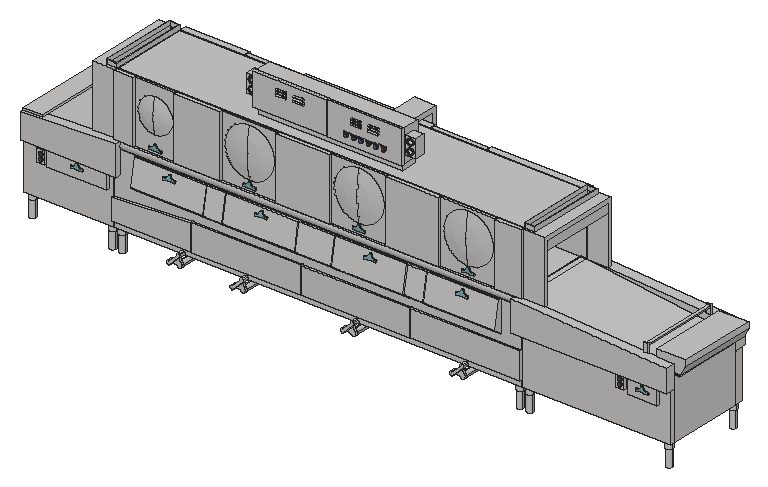
Revit family (continued)
Automatic sketch dimensions
  plane 13 "Middle of Machine" to Extrusion 33 sketch curve = 0' - 0.94635"  (x2)
  plane 13 "Middle of Machine" to Extrusion 33 sketch curve = 0' - 1.02958"
  Extrusion 33 sketch curve to Extrusion 33 sketch curve = 0' - 0.48493"  (x2)
  Extrusion 33 sketch curve to Extrusion 33 sketch curve = 0' - 1.96861"
  Extrusion 34 sketch curve to Extrusion 34 sketch curve = 0' - 0.41934"
  Extrusion 34 sketch curve to plane 35 = 0' - 0.38874"
  plane 38 to Extrusion 34 sketch curve = 0' - 0.69306"
  plane 38 to Extrusion 34 sketch curve = 0' - 0.9931"
  Extrusion 34 sketch curve to Extrusion 34 sketch curve = 0' - 0.00341"  (x2)
  Extrusion 34 sketch curve to Extrusion 34 sketch curve = 0' - 0.25142"  (x2)
  Extrusion 34 sketch curve to plane 35 = 0' - 1"
  Extrusion 34 sketch curve to Extrusion 34 sketch curve = 0' - 0.42496"
  Extrusion 34 sketch curve to Extrusion 34 sketch curve = 0' - 0"
  Extrusion 34 sketch curve to Extrusion 34 sketch curve = 0' - 1.22253"
  Extrusion 34 sketch curve to Extrusion 34 sketch curve = 0' - 1.51845"
  Extrusion 34 sketch curve to Extrusion 34 sketch curve = 0' - 1.63184"
  plane 13 "Middle of Machine" to Extrusion 34 sketch curve = 0' - 3.47041"  (x2)
  Extrusion 34 sketch curve to Extrusion 34 sketch curve = 0' - 0.34808"
  Extrusion 34 sketch curve to Extrusion 34 sketch curve = 0' - 0.48493"  (x2)
  plane 13 "Middle of Machine" to Extrusion 34 sketch curve = 0' - 1.02958"
  plane 55 to Extrusion 34 sketch curve = 0' - 1.17016"
  Extrusion 42 sketch curve to plane 13 "Middle of Machine" = 0' - 0"
  plane 16 to Extrusion 42 sketch curve = 0' - 0 5/8"
  Extrusion 43 sketch curve to plane 13 "Middle of Machine" = 0' - 0"
  plane 16 to Extrusion 43 sketch curve = 0' - 0 5/8"
  Extrusion 44 sketch curve to plane 11 "Table Height" = 0' - 0 1/8"
  Extrusion 45 sketch curve to plane 11 "Table Height" = 0' - 1 1/2"
  Extrusion 45 sketch curve to plane 11 "Table Height" = 0' - 0 1/8"
  Extrusion 46 sketch curve to plane 56 = 0' - 0"
  Extrusion 46 sketch curve to plane 11 "Table Height" = 0' - 2"
  Extrusion 47 sketch curve to plane 3 "LEFT" = 0' - 0"
  Extrusion 47 sketch curve to plane 55 = 0' - 0"
  Extrusion 47 sketch curve to plane 11 "Table Height" = 0' - 0"
  plane 16 to Extrusion 48 sketch curve = 0' - 0 5/8"
  plane 16 to Extrusion 48 sketch curve = 0' - 1.01335"
  Extrusion 48 sketch curve to Extrusion 48 sketch curve = 0' - 0.75088"
  Extrusion 48 sketch curve to plane 13 "Middle of Machine" = 0' - 0.73577"
  Extrusion 51 sketch curve to plane 57 = 0' - 0"
  Extrusion 51 sketch curve to plane 58 = 0' - 0"
  Extrusion 51 sketch curve to plane 59 = 0' - 0"
  Extrusion 51 sketch curve to plane 56 = 0' - 0"
  Extrusion 52 sketch curve to Extrusion 52 sketch curve = 0' - 0.25142"  (x2)
  Extrusion 52 sketch curve to Extrusion 52 sketch curve = 0' - 0.25483"  (x2)
  Extrusion 52 sketch curve to plane 56 = 0' - 0.46498"  (x2)
  Extrusion 52 sketch curve to Extrusion 52 sketch curve = 0' - 0.30345"
  plane 18 to Extrusion 52 sketch curve = 0' - 0.59419"  (x2)
  Extrusion 52 sketch curve to Extrusion 52 sketch curve = 0' - 1.63184"
  Extrusion 52 sketch curve to Extrusion 52 sketch curve = 0' - 1.52338"
  Extrusion 52 sketch curve to Extrusion 52 sketch curve = 0' - 0.41934"
  plane 20 to Extrusion 52 sketch curve = 0' - 1.60977"
  Extrusion 52 sketch curve to plane 101 "Cold Water" = 0' - 4.12535"
  Extrusion 52 sketch curve to Extrusion 52 sketch curve = 0' - 0.42496"
  Extrusion 52 sketch curve to Extrusion 52 sketch curve = 0' - 0"
  Extrusion 52 sketch curve to Extrusion 52 sketch curve = 0' - 1.51845"
  plane 18 to Extrusion 52 sketch curve = 0' - 0.51096"  (x2)
  Extrusion 52 sketch curve to Extrusion 52 sketch curve = 0' - 0.48493"
  Extrusion 53 sketch curve to plane 19 = 0' - 0"
  Extrusion 53 sketch curve to plane 56 = 0' - 0 3/4"
  plane 18 to Extrusion 54 sketch curve = 0' - 1 1/4"
  Extrusion 55 sketch curve to plane 18 = 0' - 0 3/4"
  Extrusion 56 sketch curve to plane 13 "Middle of Machine" = 0' - 0"
  plane 17 to Extrusion 56 sketch curve = 0' - 0 1/4"
  Extrusion 57 sketch curve to plane 13 "Middle of Machine" = 0' - 0"
  plane 17 to Extrusion 57 sketch curve = 0' - 0 1/4"
  plane 11 "Table Height" to Extrusion 58 sketch curve = 0' - 0 1/8"
  plane 11 "Table Height" to Extrusion 59 sketch curve = 0' - 1 1/2"
  plane 11 "Table Height" to Extrusion 59 sketch curve = 0' - 0 1/8"
  Extrusion 60 sketch curve to plane 4 "RIGHT" = 0' - 0"
  Extrusion 60 sketch curve to plane 11 "Table Height" = 0' - 0"
  Extrusion 63 sketch curve to plane 16 = 0' - 0"
  plane 64 to Extrusion 63 sketch curve = 0' - 0 1/2"
  plane 11 "Table Height" to Extrusion 63 sketch curve = 0' - 0 1/2"
  Extrusion 64 sketch curve to plane 16 = 0' - 0.1125"
  Extrusion 64 sketch curve to plane 16 = 0' - 0.0375"
  plane 13 "Middle of Machine" to Extrusion 64 sketch curve = 0' - 0 7/8"
  Extrusion 65 sketch curve to plane 16 = 0' - 0.1125"
  Extrusion 65 sketch curve to plane 16 = 0' - 0.0375"
  plane 13 "Middle of Machine" to Extrusion 65 sketch curve = 0' - 0 7/8"
  Extrusion 66 sketch curve to plane 67 = 0' - 0"
  plane 13 "Middle of Machine" to Extrusion 66 sketch curve = 0' - 0 1/8"
  Extrusion 68 sketch curve to Extrusion 68 sketch curve = 0' - 0.25142"  (x2)
  Extrusion 68 sketch curve to Extrusion 68 sketch curve = 0' - 0.25483"  (x2)
  Extrusion 68 sketch curve to plane 66 = 0' - 1.55729"
  plane 18 to Extrusion 68 sketch curve = 0' - 0.09419"  (x2)
  plane 67 to Extrusion 68 sketch curve = 0' - 1.11091"
  plane 67 to Extrusion 68 sketch curve = 0' - 0.91934"
  Extrusion 68 sketch curve to Extrusion 68 sketch curve = 0' - 0.41934"
  plane 67 to Extrusion 68 sketch curve = 0' - 0.49965"
  plane 67 to Extrusion 68 sketch curve = 0' - 0.07504"
  Extrusion 68 sketch curve to Extrusion 68 sketch curve = 0' - 0"
  Extrusion 68 sketch curve to plane 67 = 0' - 1.44342"
  plane 18 to Extrusion 68 sketch curve = 0' - 0.01096"  (x2)
  plane 20 to Extrusion 68 sketch curve = 0' - 1.10977"
  Extrusion 68 sketch curve to Extrusion 68 sketch curve = 0' - 0.48493"  (x2)
  Extrusion 68 sketch curve to plane 56 = 0' - 1.43719"
  Extrusion 70 sketch curve to plane 56 = 0' - 1 1/2"
  Extrusion 71 sketch curve to plane 18 = 0' - 0"
  plane 88 to Extrusion 98 sketch curve = 0' - 0"
  Extrusion 130 sketch curve to Extrusion 130 sketch curve = 0' - 0"  (x2)
  Extrusion 130 sketch curve to plane 96 "Drain" = 0' - 0"
  Extrusion 130 sketch curve to plane 99 "Drain CL" = 0' - 0"
  Sweep 133 sketch curve to plane 102 "Utility to Machine" = 0' - 0"
  Sweep 133 sketch curve to plane 100 "Utilities" = 0' - 0"
  Sweep 133 sketch curve to plane 103 "Utilities Point of Connection" = 0' - 0"
  Sweep 133 sketch curve to plane 12 "Bottom of Machine" = 0' - 0"
  plane 96 "Drain" to Sweep 133 sketch curve = 0' - 0 1/2"
  Sweep 133 sketch curve to Sweep 133 sketch curve = 0' - 0"  (x2)
  Sweep 133 sketch curve to plane 101 "Cold Water" = 0' - 0"
  profile plane to Sweep 133 sketch curve = 0' - 0"
  Sweep 134 sketch curve to plane 102 "Utility to Machine" = 0' - 0"
  Sweep 134 sketch curve to plane 100 "Utilities" = 0' - 0"
  Sweep 134 sketch curve to plane 103 "Utilities Point of Connection" = 0' - 0"
  Sweep 134 sketch curve to plane 12 "Bottom of Machine" = 0' - 0"
  plane 96 "Drain" to Sweep 134 sketch curve = 0' - 0 1/2"
  Sweep 134 sketch curve to Sweep 134 sketch curve = 0' - 0"  (x2)
  Sweep 134 sketch curve to plane 104 "Building Hot Water" = 0' - 0"
  profile plane to Sweep 134 sketch curve = 0' - 0"
  Extrusion 145 sketch curve to plane 112 = 0' - 0 3/16"
  Extrusion 145 sketch curve to plane 78 = 0' - 0 1/8"
  Extrusion 146 sketch curve to plane 78 = 0' - 0 1/8"
  plane 112 to Extrusion 146 sketch curve = 0' - 0 9/16"
  Extrusion 184 sketch curve to plane 22 "Front of Main Body" = 0' - 0 3/4"
  Extrusion 185 sketch curve to plane 22 "Front of Main Body" = 0' - 0 3/4"
  Extrusion 186 sketch curve to plane 22 "Front of Main Body" = 0' - 0 3/4"
  Extrusion 187 sketch curve to plane 28 = 0' - 0"
  plane 22 "Front of Main Body" to Extrusion 187 sketch curve = 0' - 0 1/4"
  Extrusion 188 sketch curve to plane 28 = 0' - 0"
  plane 22 "Front of Main Body" to Extrusion 188 sketch curve = 0' - 0 1/4"
  Sweep 189 sketch curve to plane 22 "Front of Main Body" = 0' - 0"  (x2)
  plane 22 "Front of Main Body" to Sweep 189 sketch curve = 0' - 0 5/8"  (x2)
  Sweep 189 sketch curve to Sweep 189 sketch curve = 0' - 0 1/2"
  plane 13 "Middle of Machine" to Sweep 189 sketch curve = 0' - 7 3/16"
  Sweep 189 sketch curve to plane 45 = 0' - 3 11/16"
  Sweep 189 sketch curve to plane 113 = 0' - 0"
  Sweep 189 sketch curve to profile plane = 0' - 0"
  Extrusion 190 sketch curve to plane 29 = 0' - 0"
  plane 22 "Front of Main Body" to Extrusion 190 sketch curve = 0' - 0 1/4"
  Extrusion 191 sketch curve to plane 29 = 0' - 0"
  plane 22 "Front of Main Body" to Extrusion 191 sketch curve = 0' - 0 1/4"
  Extrusion 192 sketch curve to plane 26 = 0' - 0"
  plane 22 "Front of Main Body" to Extrusion 192 sketch curve = 0' - 0 1/4"
  Extrusion 193 sketch curve to plane 26 = 0' - 0"
  plane 22 "Front of Main Body" to Extrusion 193 sketch curve = 0' - 0 1/4"
  Sweep 194 sketch curve to plane 22 "Front of Main Body" = 0' - 0"  (x2)
  plane 22 "Front of Main Body" to Sweep 194 sketch curve = 0' - 0 5/8"  (x2)
  Sweep 194 sketch curve to Sweep 194 sketch curve = 0' - 0 1/2"
  plane 13 "Middle of Machine" to Sweep 194 sketch curve = 0' - 7 3/16"
  Sweep 194 sketch curve to plane 45 = 0' - 3 11/16"
  Sweep 194 sketch curve to plane 107 = 0' - 0"
  Sweep 194 sketch curve to profile plane = 0' - 0"
  Sweep 195 sketch curve to plane 22 "Front of Main Body" = 0' - 0"  (x2)
  plane 22 "Front of Main Body" to Sweep 195 sketch curve = 0' - 0 5/8"  (x2)
  Sweep 195 sketch curve to Sweep 195 sketch curve = 0' - 0 1/2"
  plane 13 "Middle of Machine" to Sweep 195 sketch curve = 0' - 7 3/16"
  Sweep 195 sketch curve to plane 45 = 0' - 3 11/16"
  Sweep 195 sketch curve to plane 112 = 0' - 0"
  Sweep 195 sketch curve to profile plane = 0' - 0"
  Extrusion 196 sketch curve to plane 22 "Front of Main Body" = 0' - 0 3/4"
  Extrusion 197 sketch curve to plane 22 "Front of Main Body" = 0' - 0 3/4"
  Sweep 198 sketch curve to plane 102 "Utility to Machine" = 0' - 0"
  Sweep 198 sketch curve to plane 100 "Utilities" = 0' - 0"
  Sweep 198 sketch curve to plane 103 "Utilities Point of Connection" = 0' - 0"
  Sweep 198 sketch curve to plane 12 "Bottom of Machine" = 0' - 0"
  plane 96 "Drain" to Sweep 198 sketch curve = 0' - 0 1/2"
  Sweep 198 sketch curve to Sweep 198 sketch curve = 0' - 0"  (x2)
  Sweep 198 sketch curve to plane 115 = 0' - 0"
  profile plane to Sweep 198 sketch curve = 0' - 0"
  plane 30 "Front of Inside" to Extrusion 200 sketch curve = 0' - 0"
  Extrusion 200 sketch curve to plane 22 "Front of Main Body" = 0' - 0 3/4"
  plane 5 "FRONT" to Revolve 201 sketch curve = 0' - 8"
  plane 22 "Front of Main Body" to Revolve 201 sketch curve = 0' - 0 1/4"
  Revolve 201 sketch curve to plane 22 "Front of Main Body" = 0' - 0 3/4"
  plane 95 to Revolve 201 sketch curve = 0' - 1 1/4"
  Revolve 201 sketch curve to plane 1 "BACK" = 0' - 8.74935"
  Revolve 201 sketch curve to plane 45 = 0' - 5.75174"  (x2)
  Revolve 201 sketch curve to plane 45 = 0' - 5.50167"
  Extrusion 202 sketch curve to plane 116 = 0' - 0"
  plane 116 to Extrusion 202 sketch curve = 0' - 0.00035"
  plane 122 to Extrusion 202 sketch curve = 0' - 0.35719"
  plane 122 to Extrusion 202 sketch curve = 0' - 0.54876"
  plane 124 to Extrusion 202 sketch curve = 0' - 0.50556"
  Extrusion 202 sketch curve to plane 145 = 0' - 0.5069"
  Extrusion 202 sketch curve to plane 145 = 0' - 0.50349"
  Extrusion 202 sketch curve to Extrusion 202 sketch curve = 0' - 0.25142"  (x2)
  Extrusion 202 sketch curve to plane 121 = 0' - 0.36211"
  Extrusion 202 sketch curve to Extrusion 202 sketch curve = 0' - 0"
  Extrusion 202 sketch curve to plane 121 = 0' - 0.54876"
  Extrusion 202 sketch curve to plane 125 = 0' - 0.50556"
  Extrusion 202 sketch curve to plane 125 = 0' - 0.8056"
  Extrusion 202 sketch curve to Extrusion 202 sketch curve = 0' - 0.00341"
  plane 55 to Extrusion 202 sketch curve = 0' - 1.17016"
  plane 13 "Middle of Machine" to Extrusion 202 sketch curve = 0' - 0.94635"  (x2)
  plane 13 "Middle of Machine" to Extrusion 202 sketch curve = 0' - 1.02958"
  Extrusion 202 sketch curve to Extrusion 202 sketch curve = 0' - 0.48493"  (x2)
  Extrusion 202 sketch curve to Extrusion 202 sketch curve = 0' - 1.96861"
  plane 22 "Front of Main Body" to Extrusion 203 sketch curve = 0' - 0"
  Extrusion 203 sketch curve to plane 22 "Front of Main Body" = 0' - 0 3/4"
  plane 22 "Front of Main Body" to Extrusion 204 sketch curve = 0' - 0"
  Extrusion 204 sketch curve to plane 22 "Front of Main Body" = 0' - 0 3/4"
  Extrusion 205 sketch curve to plane 118 = 0' - 0"
  plane 22 "Front of Main Body" to Extrusion 205 sketch curve = 0' - 0 1/4"
  Extrusion 206 sketch curve to plane 118 = 0' - 0"
  plane 22 "Front of Main Body" to Extrusion 206 sketch curve = 0' - 0 1/4"
  Extrusion 207 sketch curve to plane 119 = 0' - 0"
  plane 22 "Front of Main Body" to Extrusion 207 sketch curve = 0' - 0 1/4"
  Extrusion 208 sketch curve to plane 119 = 0' - 0"
  plane 22 "Front of Main Body" to Extrusion 208 sketch curve = 0' - 0 1/4"
  Sweep 209 sketch curve to plane 22 "Front of Main Body" = 0' - 0"  (x2)
  plane 22 "Front of Main Body" to Sweep 209 sketch curve = 0' - 0 5/8"  (x2)
  Sweep 209 sketch curve to Sweep 209 sketch curve = 0' - 0 1/2"
  plane 13 "Middle of Machine" to Sweep 209 sketch curve = 0' - 7 3/16"
  Sweep 209 sketch curve to plane 45 = 0' - 3 11/16"
  Sweep 209 sketch curve to plane 125 = 0' - 0"
  Sweep 209 sketch curve to profile plane = 0' - 0"
  Sweep 210 sketch curve to plane 22 "Front of Main Body" = 0' - 0"  (x2)
  plane 22 "Front of Main Body" to Sweep 210 sketch curve = 0' - 0 5/8"  (x2)
  Sweep 210 sketch curve to Sweep 210 sketch curve = 0' - 0 1/2"
  plane 13 "Middle of Machine" to Sweep 210 sketch curve = 0' - 7 3/16"
  Sweep 210 sketch curve to plane 45 = 0' - 3 11/16"
  Sweep 210 sketch curve to plane 124 = 0' - 0"
  Sweep 210 sketch curve to profile plane = 0' - 0"
  plane 22 "Front of Main Body" to Extrusion 211 sketch curve = 0' - 0"
  Extrusion 211 sketch curve to plane 22 "Front of Main Body" = 0' - 0 3/4"
  Extrusion 212 sketch curve to plane 20 = 0' - 0"
  Extrusion 212 sketch curve to plane 19 = 0' - 0"
  plane 30 "Front of Inside" to Extrusion 213 sketch curve = 0' - 0"
  Extrusion 213 sketch curve to plane 22 "Front of Main Body" = 0' - 0 3/4"
  plane 5 "FRONT" to Revolve 214 sketch curve = 0' - 8"
  plane 22 "Front of Main Body" to Revolve 214 sketch curve = 0' - 0 1/4"
  Revolve 214 sketch curve to plane 22 "Front of Main Body" = 0' - 0 3/4"
  plane 95 to Revolve 214 sketch curve = 0' - 1 1/4"
  Revolve 214 sketch curve to plane 1 "BACK" = 0' - 8.74935"
  Revolve 214 sketch curve to plane 45 = 0' - 5.75174"  (x2)
  Revolve 214 sketch curve to plane 45 = 0' - 5.50167"
  plane 117 to Extrusion 215 sketch curve = 0' - 0"
  Extrusion 215 sketch curve to plane 117 = 0' - 0.00035"
  plane 132 to Extrusion 215 sketch curve = 0' - 0.35719"
  plane 132 to Extrusion 215 sketch curve = 0' - 0.54876"
  plane 134 to Extrusion 215 sketch curve = 0' - 0.50556"
  plane 134 to Extrusion 215 sketch curve = 0' - 0.8056"
  Extrusion 215 sketch curve to Extrusion 215 sketch curve = 0' - 0.00341"  (x2)
  Extrusion 215 sketch curve to Extrusion 215 sketch curve = 0' - 0.25142"  (x2)
  Extrusion 215 sketch curve to plane 131 = 0' - 0.36211"
  Extrusion 215 sketch curve to Extrusion 215 sketch curve = 0' - 0"
  Extrusion 215 sketch curve to plane 131 = 0' - 0.54876"
  Extrusion 215 sketch curve to plane 135 = 0' - 0.50556"
  Extrusion 215 sketch curve to plane 135 = 0' - 0.8056"
  plane 55 to Extrusion 215 sketch curve = 0' - 1.17016"
  plane 13 "Middle of Machine" to Extrusion 215 sketch curve = 0' - 0.94635"  (x2)
  plane 13 "Middle of Machine" to Extrusion 215 sketch curve = 0' - 1.02958"
  Extrusion 215 sketch curve to Extrusion 215 sketch curve = 0' - 0.48493"  (x2)
  Extrusion 215 sketch curve to Extrusion 215 sketch curve = 0' - 1.96861"
  plane 22 "Front of Main Body" to Extrusion 216 sketch curve = 0' - 0"
  Extrusion 216 sketch curve to plane 22 "Front of Main Body" = 0' - 0 3/4"
  plane 22 "Front of Main Body" to Extrusion 217 sketch curve = 0' - 0"
  Extrusion 217 sketch curve to plane 22 "Front of Main Body" = 0' - 0 3/4"
  Extrusion 218 sketch curve to plane 128 = 0' - 0"
  plane 22 "Front of Main Body" to Extrusion 218 sketch curve = 0' - 0 1/4"
  Extrusion 219 sketch curve to plane 128 = 0' - 0"
  plane 22 "Front of Main Body" to Extrusion 219 sketch curve = 0' - 0 1/4"
  Extrusion 220 sketch curve to plane 129 = 0' - 0"
  plane 22 "Front of Main Body" to Extrusion 220 sketch curve = 0' - 0 1/4"
  Extrusion 221 sketch curve to plane 129 = 0' - 0"
  plane 22 "Front of Main Body" to Extrusion 221 sketch curve = 0' - 0 1/4"
  Sweep 222 sketch curve to plane 22 "Front of Main Body" = 0' - 0"  (x2)
  plane 22 "Front of Main Body" to Sweep 222 sketch curve = 0' - 0 5/8"  (x2)
  Sweep 222 sketch curve to Sweep 222 sketch curve = 0' - 0 1/2"
  plane 13 "Middle of Machine" to Sweep 222 sketch curve = 0' - 7 3/16"
  Sweep 222 sketch curve to plane 45 = 0' - 3 11/16"
  Sweep 222 sketch curve to plane 135 = 0' - 0"
  Sweep 222 sketch curve to profile plane = 0' - 0"
  Sweep 223 sketch curve to plane 22 "Front of Main Body" = 0' - 0"  (x2)
  plane 22 "Front of Main Body" to Sweep 223 sketch curve = 0' - 0 5/8"  (x2)
  Sweep 223 sketch curve to Sweep 223 sketch curve = 0' - 0 1/2"
  plane 13 "Middle of Machine" to Sweep 223 sketch curve = 0' - 7 3/16"
  Sweep 223 sketch curve to plane 45 = 0' - 3 11/16"
  Sweep 223 sketch curve to plane 134 = 0' - 0"
  Sweep 223 sketch curve to profile plane = 0' - 0"
  plane 22 "Front of Main Body" to Extrusion 224 sketch curve = 0' - 0"
  Extrusion 224 sketch curve to plane 22 "Front of Main Body" = 0' - 0 3/4"
  plane 22 "Front of Main Body" to Extrusion 225 sketch curve = 0' - 0"
  plane 30 "Front of Inside" to Extrusion 225 sketch curve = 0' - 0"
  plane 31 "Back of Inside" to Extrusion 236 sketch curve = 0' - 0"
  plane 21 "Back of Main Body" to Extrusion 236 sketch curve = 0' - 1"
  Revolve 237 sketch curve to plane 21 "Back of Main Body" = 0' - 0"
  Revolve 237 sketch curve to plane 1 "BACK" = 0' - 7 3/4"
  Revolve 237 sketch curve to Revolve 237 sketch curve = 0' - 1"
  Revolve 237 sketch curve to plane 102 "Utility to Machine" = 0' - 4"
  plane 5 "FRONT" to Revolve 237 sketch curve = 0' - 8.99935"
  Revolve 237 sketch curve to plane 10 "Top of Machine" = 0' - 1.00174"
  Revolve 237 sketch curve to Revolve 237 sketch curve = 0' - 9.74993"
  Revolve 237 sketch curve to plane 45 = 0' - 5.75174"
  Extrusion 238 sketch curve to plane 84 = 0' - 0"
  plane 84 to Extrusion 238 sketch curve = 0' - 0.41969"
  plane 84 to Extrusion 238 sketch curve = 0' - 0.61126"
  Extrusion 238 sketch curve to Extrusion 238 sketch curve = 0' - 1.52338"
  Extrusion 238 sketch curve to Extrusion 238 sketch curve = 0' - 1.63184"
  Extrusion 238 sketch curve to Extrusion 238 sketch curve = 0' - 0.00341"
  Extrusion 238 sketch curve to Extrusion 238 sketch curve = 0' - 0.25142"  (x2)
  Extrusion 238 sketch curve to plane 93 "Right of Control Box" = 0' - 0.17461"
  Extrusion 238 sketch curve to Extrusion 238 sketch curve = 0' - 0"
  Extrusion 238 sketch curve to plane 93 "Right of Control Box" = 0' - 0.36126"
  plane 119 to Extrusion 238 sketch curve = 0' - 0.80694"
  plane 119 to Extrusion 238 sketch curve = 0' - 0.5069"
  plane 119 to Extrusion 238 sketch curve = 0' - 0.50349"
  plane 13 "Middle of Machine" to Extrusion 238 sketch curve = 0' - 3.47041"  (x2)
  Extrusion 238 sketch curve to Extrusion 238 sketch curve = 0' - 0.34808"
  Extrusion 238 sketch curve to Extrusion 238 sketch curve = 0' - 0.48493"  (x2)
  plane 13 "Middle of Machine" to Extrusion 238 sketch curve = 0' - 1.02958"
  plane 55 to Extrusion 238 sketch curve = 0' - 1.17016"
  plane 31 "Back of Inside" to Extrusion 239 sketch curve = 0' - 0"
  plane 21 "Back of Main Body" to Extrusion 239 sketch curve = 0' - 0"
  Extrusion 239 sketch curve to plane 145 = 0' - 0"
  Extrusion 239 sketch curve to plane 33 = 0' - 0"
  Extrusion 240 sketch curve to plane 76 = 0' - 0"
  Extrusion 240 sketch curve to plane 87 "Back of Elec Box" = 0' - 0"
  Extrusion 240 sketch curve to plane 21 "Back of Main Body" = 0' - 0"
  Extrusion 240 sketch curve to plane 1 "BACK" = 0' - 0"
  Extrusion 240 sketch curve to plane 21 "Back of Main Body" = 0' - 1 1/4"
  Extrusion 240 sketch curve to plane 57 = 0' - 3 3/4"
  Extrusion 240 sketch curve to Extrusion 240 sketch curve = 0' - 1 3/4"
  Extrusion 240 sketch curve to plane 77 = 0' - 1 1/8"
  plane 5 "FRONT" to curve 39 = 0' - 0"
  plane 5 "FRONT" to curve 45 = 0' - 0"
  plane 5 "FRONT" to curve 37 = 0' - 0"
  plane 5 "FRONT" to curve 153 = 0' - 0"
  plane 5 "FRONT" to curve 47 = 0' - 0"
  plane 5 "FRONT" to curve 41 = 0' - 0"
  plane 5 "FRONT" to curve 155 = 0' - 0"
  curve 3 to plane 62 = 0' - 0"
  curve 7 to plane 51 = 0' - 0"
  curve 7 to plane 14 "Left of Bottom" = 0' - 0"
  curve 24 to plane 15 "Right of Bottom" = 0' - 0"
  curve 122 to plane 124 = 0' - 0"
  curve 138 to plane 135 = 0' - 0"
  curve 119 to plane 125 = 0' - 0"
  curve 71 to plane 107 = 0' - 0"
  curve 74 to plane 113 = 0' - 0"
  curve 77 to plane 112 = 0' - 0"
  curve 141 to plane 134 = 0' - 0"
  curve 11 to plane 54 = 0' - 0"
  plane 22 "Front of Main Body" to curve 114 = 0' - 0"
  curve 146 to plane 129 = 0' - 0"
  curve 81 to plane 109 = 0' - 0"
  curve 125 to plane 121 = 0' - 0"
  curve 82 to plane 110 = 0' - 0"
  curve 16 to plane 8 "Load Vent" = 0' - 0"
  curve 83 to plane 28 = 0' - 0"
  curve 85 to plane 29 = 0' - 0"
  curve 17 to plane 3 "LEFT" = 0' - 0"
  curve 124 to plane 118 = 0' - 0"
  curve 143 to plane 131 = 0' - 0"
  curve 143 to plane 128 = 0' - 0"
  curve 146 to plane 132 = 0' - 0"
  curve 128 to plane 119 = 0' - 0"
  curve 127 to plane 122 = 0' - 0"
  curve 50 to plane 26 = 0' - 0"
  curve 51 to plane 27 = 0' - 0"
  curve 26 to plane 9 "Unload Vent" = 0' - 0"
  curve 27 to plane 4 "RIGHT" = 0' - 0"
  plane 30 "Front of Inside" to curve 31 = 0' - 0"
  plane 30 "Front of Inside" to curve 98 = 0' - 0"
  plane 30 "Front of Inside" to curve 106 = 0' - 0"
  plane 30 "Front of Inside" to curve 108 = 0' - 0"
  plane 30 "Front of Inside" to curve 101 = 0' - 0"
  plane 30 "Front of Inside" to curve 19 = 0' - 0"
  curve 56 to plane 83 = 0' - 0"
  plane 89 "Front of Panel" to curve 56 = 0' - 0"
  plane 88 to curve 58 = 0' - 0"
  curve 64 to plane 85 = 0' - 0"
  plane 94 "Front of LR Panels" to curve 64 = 0' - 0"
  curve 67 to plane 86 = 0' - 0"
  plane 94 "Front of LR Panels" to curve 67 = 0' - 0"
  plane 95 to curve 64 = 0' - 0"
  plane 95 to curve 66 = 0' - 0"
  plane 87 "Back of Elec Box" to curve 61 = 0' - 0"
  plane 31 "Back of Inside" to curve 32 = 0' - 0"
  plane 31 "Back of Inside" to curve 19 = 0' - 0"
  plane 31 "Back of Inside" to curve 108 = 0' - 0"
  plane 31 "Back of Inside" to curve 105 = 0' - 0"
  plane 31 "Back of Inside" to curve 104 = 0' - 0"
  plane 31 "Back of Inside" to curve 103 = 0' - 0"
  plane 31 "Back of Inside" to curve 13 = 0' - 0"
  curve 21 to plane 32 = 0' - 0"
  curve 159 to plane 143 = 0' - 0"
  curve 159 to plane 145 = 0' - 0"
  curve 23 to plane 33 = 0' - 0"
  plane 21 "Back of Main Body" to curve 23 = 0' - 0"
  plane 21 "Back of Main Body" to curve 158 = 0' - 0"
  curve 4 to plane 15 "Right of Bottom" = 0' - 0"
  curve 90 to plane 14 "Left of Bottom" = 0' - 0"
  plane 1 "BACK" to curve 162 = 0' - 0"
  curve 101 to plane 65 = 0' - 0"
  curve 106 to plane 64 = 0' - 0"
  curve 103 to plane 66 = 0' - 0"
  curve 30 to plane 49 = 0' - 0"
  curve 151 to plane 132 = 0' - 0"
  curve 149 to plane 131 = 0' - 0"
  curve 157 to plane 140 = 0' - 0"
  curve 152 to plane 141 = 0' - 0"
  curve 154 to plane 139 = 0' - 0"
  curve 56 to plane 84 = 0' - 0"
  curve 62 to plane 93 "Right of Control Box" = 0' - 0"
  curve 132 to plane 122 = 0' - 0"
  curve 130 to plane 121 = 0' - 0"
  curve 39 to plane 40 = 0' - 0"
  curve 41 to plane 37 = 0' - 0"
  curve 89 to plane 110 = 0' - 0"
  curve 87 to plane 109 = 0' - 0"
  curve 60 to plane 92 = 0' - 0"
  curve 43 to plane 36 = 0' - 0"
  curve 45 to plane 39 = 0' - 0"
  curve 45 to plane 38 = 0' - 0"
  curve 47 to plane 35 = 0' - 0"
  curve 79 to plane 27 = 0' - 0"
  curve 49 to plane 34 = 0' - 0"
  curve 19 to plane 48 = 0' - 0"
  curve 108 to plane 52 = 0' - 0"
  curve 3 to plane 5 "FRONT" = 0' - 1"
  curve 7 to plane 5 "FRONT" = 0' - 1"
  plane 22 "Front of Main Body" to curve 122 = 0' - 1 1/8"
  plane 135 to curve 138 = 0' - 0 3/8"
  curve 138 to curve 137 = 0' - 1 1/8"
  curve 119 to plane 125 = 0' - 0 3/8"
  curve 119 to curve 117 = 0' - 1 1/8"
  plane 107 to curve 69 = 0' - 0 3/8"
  curve 69 to curve 69 = 0' - 1 1/8"
  curve 72 to plane 74 = 0' - 0 1/16"
  curve 72 to curve 72 = 0' - 1 1/8"
  curve 75 to plane 112 = 0' - 0 3/8"
  curve 75 to curve 75 = 0' - 1 1/8"
  curve 139 to plane 134 = 0' - 0 3/8"
  curve 139 to curve 139 = 0' - 1 1/8"
  plane 22 "Front of Main Body" to curve 10 = 0' - 0 7/8"
  curve 38 to plane 22 "Front of Main Body" = 0' - 0.06488"
  curve 146 to plane 22 "Front of Main Body" = 0' - 0 3/4"
  curve 81 to plane 22 "Front of Main Body" = 0' - 0 3/4"
  curve 125 to plane 22 "Front of Main Body" = 0' - 0 3/4"
  curve 16 to plane 22 "Front of Main Body" = 0' - 0 3/4"
  curve 50 to plane 22 "Front of Main Body" = 0' - 0 3/4"
  curve 26 to plane 22 "Front of Main Body" = 0' - 0 3/4"
  curve 92 to curve 91 = 0' - 0 1/2"
  curve 95 to plane 31 "Back of Inside" = 0' - 0 1/2"
  curve 15 to plane 31 "Back of Inside" = 0' - 1"
  curve 33 to plane 31 "Back of Inside" = 0' - 1"
  curve 21 to curve 21 = 0' - 1"
  curve 159 to curve 160 = 0' - 1"
  plane 21 "Back of Main Body" to curve 11 = 0' - 0 3/8"
  curve 113 to curve 3 = 0' - 1 1/2"
  curve 2 to curve 6 = 0' - 1 1/2"
  plane 67 to curve 95 = 0' - 0 3/4"
  plane 67 to curve 92 = 0' - 0 3/4"
  curve 93 to curve 94 = 0' - 0 1/4"
  curve 98 to plane 67 = 0' - 0 1/2"
  curve 98 to curve 91 = 0' - 0 1/4"
  curve 98 to curve 96 = 0' - 0 1/4"
  plane 124 to curve 121 = 0' - 0 3/8"
  plane 122 to curve 162 = 0' - 0 7/16"
  plane 136 to curve 2 = 0' - 0 1/8"
  plane 44 to curve 112 = 0' - 9.96899"
  curve 112 to plane 102 "Utility to Machine" = 0' - 1.57591"
  curve 111 to plane 102 "Utility to Machine" = 0' - 2.79145"
  plane 44 to curve 111 = 0' - 9.96899"
  curve 112 to curve 111 = 0' - 2.43107"
  plane 82 to curve 112 = 0' - 10.86265"
  plane 110 to curve 110 = 0' - 9.92515"
  radius of Extrusion 102 sketch curve = 0' - 1 1/4"
  radius of Extrusion 102 sketch curve = 0' - 1"
  radius of Extrusion 105 sketch curve = 0' - 0 5/8"
  radius of Extrusion 106 sketch curve = 0' - 0 5/8"
  radius of Extrusion 107 sketch curve = 0' - 0 5/8"
  radius of Extrusion 108 sketch curve = 0' - 0 5/8"
  radius of Extrusion 110 sketch curve = 0' - 1 1/4"
  radius of Extrusion 110 sketch curve = 0' - 1"
  radius of Extrusion 112 sketch curve = 0' - 1 1/4"
  radius of Extrusion 112 sketch curve = 0' - 1"
  radius of Extrusion 114 sketch curve = 0' - 1 1/4"
  radius of Extrusion 114 sketch curve = 0' - 1"
  radius of Extrusion 116 sketch curve = 0' - 0 5/8"
  radius of Extrusion 117 sketch curve = 0' - 0 5/8"
  radius of Extrusion 136 sketch curve = 0' - 1"
  radius of Extrusion 136 sketch curve = 0' - 1 1/8"
  radius of Extrusion 137 sketch curve = 0' - 1"
  radius of Extrusion 137 sketch curve = 0' - 1 1/8"
  radius of Extrusion 141 sketch curve = 0' - 1"
  radius of Extrusion 141 sketch curve = 0' - 1 1/8"
  radius of Extrusion 147 sketch curve = 0' - 1 1/4"
  radius of Extrusion 147 sketch curve = 0' - 1"
  radius of Extrusion 150 sketch curve = 0' - 0 5/8"
  radius of Extrusion 151 sketch curve = 0' - 0 5/8"
  radius of Extrusion 152 sketch curve = 0' - 0 5/8"
  radius of Extrusion 153 sketch curve = 0' - 0 5/8"
  radius of Extrusion 155 sketch curve = 0' - 1 1/4"
  radius of Extrusion 155 sketch curve = 0' - 1"
  radius of Extrusion 157 sketch curve = 0' - 1 1/4"
  radius of Extrusion 157 sketch curve = 0' - 1"
  radius of Extrusion 159 sketch curve = 0' - 1 1/4"
  radius of Extrusion 159 sketch curve = 0' - 1"
  radius of Extrusion 161 sketch curve = 0' - 0 5/8"
  radius of Extrusion 162 sketch curve = 0' - 0 5/8"
  radius of Extrusion 175 sketch curve = 0' - 1"
  radius of Extrusion 175 sketch curve = 0' - 1 1/8"
  radius of Extrusion 176 sketch curve = 0' - 1"
  radius of Extrusion 176 sketch curve = 0' - 1 1/8"
  radius of Extrusion 180 sketch curve = 0' - 1"
  radius of Extrusion 180 sketch curve = 0' - 1 1/8"
  radius of Extrusion 230 sketch curve = 0' - 1"
  radius of Extrusion 230 sketch curve = 0' - 1 1/8"
  radius of Extrusion 54 sketch curve = 0' - 0 3/4"
  radius of Extrusion 55 sketch curve = 0' - 0 3/4"
  radius of Extrusion 66 sketch curve = 0' - 0 1/2"
  radius of Extrusion 70 sketch curve = 0' - 0 3/4"
  radius of Extrusion 71 sketch curve = 0' - 0 3/4"
  radius of Extrusion 72 sketch curve = 0' - 1 3/16"
  radius of Extrusion 73 sketch curve = 0' - 1 7/16"
  radius of Extrusion 74 sketch curve = 0' - 1 3/16"
  radius of Extrusion 75 sketch curve = 0' - 1 7/16"
  radius of Extrusion 76 sketch curve = 0' - 1 3/16"
  radius of Extrusion 77 sketch curve = 0' - 1 7/16"
  radius of Extrusion 78 sketch curve = 0' - 1 3/16"
  radius of Extrusion 79 sketch curve = 0' - 1 7/16"
  radius of Extrusion 80 sketch curve = 0' - 1 3/16"
  radius of Extrusion 81 sketch curve = 0' - 1 7/16"
  radius of Extrusion 82 sketch curve = 0' - 1 3/16"
  radius of Extrusion 83 sketch curve = 0' - 1 7/16"
  radius of Extrusion 84 sketch curve = 0' - 1 3/16"
  radius of Extrusion 85 sketch curve = 0' - 1 7/16"
  radius of Extrusion 86 sketch curve = 0' - 1 3/16"
  radius of Extrusion 87 sketch curve = 0' - 1 7/16"
  radius of Extrusion 88 sketch curve = 0' - 1 3/16"
  radius of Extrusion 89 sketch curve = 0' - 1 7/16"
  radius of Extrusion 90 sketch curve = 0' - 1 3/16"
  radius of Extrusion 91 sketch curve = 0' - 1 7/16"
  radius of Extrusion 92 sketch curve = 0' - 1 3/16"
  radius of Extrusion 93 sketch curve = 0' - 1 7/16"
  radius of Extrusion 94 sketch curve = 0' - 1 3/16"
  radius of Extrusion 95 sketch curve = 0' - 1 7/16"
  radius of Extrusion 130 sketch curve = 0' - 1"
  radius of Extrusion 130 sketch curve = 0' - 1 1/8"
  radius of Sweep 133 sketch curve = 0' - 0 3/8"
  radius of Sweep 133 sketch curve = 0' - 0 1/2"
  radius of Sweep 134 sketch curve = 0' - 0 1/2"
  radius of Sweep 134 sketch curve = 0' - 0 5/8"
  radius of Extrusion 135 sketch curve = 0' - 0 1/2"
  radius of Extrusion 145 sketch curve = 0' - 0 1/4"
  radius of Extrusion 146 sketch curve = 0' - 0 1/4"
  radius of Extrusion 187 sketch curve = 0' - 0 1/4"
  radius of Extrusion 188 sketch curve = 0' - 0 1/4"
  radius of Sweep 189 sketch curve = 0' - 0 3/8"
  radius of Extrusion 190 sketch curve = 0' - 0 1/4"
  radius of Extrusion 191 sketch curve = 0' - 0 1/4"
  radius of Extrusion 192 sketch curve = 0' - 0 1/4"
  radius of Extrusion 193 sketch curve = 0' - 0 1/4"
  radius of Sweep 194 sketch curve = 0' - 0 3/8"
  radius of Sweep 195 sketch curve = 0' - 0 3/8"
  radius of Sweep 198 sketch curve = 0' - 0 3/8"
  radius of Sweep 198 sketch curve = 0' - 0 1/2"
  radius of Extrusion 199 sketch curve = 0' - 0 1/4"
  radius of Extrusion 205 sketch curve = 0' - 0 1/4"
  radius of Extrusion 206 sketch curve = 0' - 0 1/4"
  radius of Extrusion 207 sketch curve = 0' - 0 1/4"
  radius of Extrusion 208 sketch curve = 0' - 0 1/4"
  radius of Sweep 209 sketch curve = 0' - 0 3/8"
  radius of Sweep 210 sketch curve = 0' - 0 3/8"
  radius of Extrusion 218 sketch curve = 0' - 0 1/4"
  radius of Extrusion 219 sketch curve = 0' - 0 1/4"
  radius of Extrusion 220 sketch curve = 0' - 0 1/4"
  radius of Extrusion 221 sketch curve = 0' - 0 1/4"
  radius of Sweep 222 sketch curve = 0' - 0 3/8"
  radius of Sweep 223 sketch curve = 0' - 0 3/8"
Nested families (in)
  nested 1: "QF_Stero_STPCW-ER_164_E_EX" at (142.84638, -6, 0), Ventilation Remarks <- "Unload Ventilation Remarks", Exhaust Volume <- "Unload Exhaust Volume", Exhaust Vent Width <- "Unload Exhaust Vent Width", Exhaust Vent Depth <- "Unload Exhaust Vent Depth", Exhaust Static Press <- "Unload Exhaust Static Press", Exhaust RI Height <- "Unload Exhaust RI Height", Item Number <- "Unload Exhaust Item Number", type "Nested"
    with Ventilation Remarks "", Item Number "-", Exhaust Volume 1000 CFM, Exhaust Vent Width 0' - 4", Exhaust Vent Depth 2' - 7 1/4", Exhaust Static Press 0.00 in-wg, Exhaust RI Height 0' - 0"
  nested 2: "QF_Stero_STPCW-ER_164_E_E2" at (33.97138, -26, 0), Watts <- "F2 Watts", Volts <- "F2 Volts", Phase <- "F2 Phase", Number of Poles <- "F2 Number of Poles", FL Amps <- "F2 FL Amps", Electrical Remarks <- "F2 Electrical Remarks", Electric Connection Type <- "F2 Electric Connection Type", Elec Conn RI Height <- "F2 Elec Conn RI Height", Elec Conn Connection Height <- "F2 Elec Conn Connection Height", Cycle <- "F2 Cycle", Conn Conduit <- "F2 Conn Conduit", Apparent Power <- "F2 Apparent Power", Item Number <- "F2 Item Number", visible <- "Feeder Line 2", type "Nested"
    with Watts 0 W, Volts 480 V, Phase 3, Number of Poles 3, Item Number "-", FL Amps 0 A, Electrical Remarks "", Electric Connection Type "", Elec Conn RI Height 0' - 0", Elec Conn Connection Height 6' - 6", Cycle 60 Hz, Conn Conduit yes, Apparent Power 0 VA
  nested 3: "QF_Stero_STPCW-ER_164_E_E2" at (34.72138, -26, 0), Watts <- "F3 Watts", Volts <- "F3 Volts", Phase <- "F3 Phase", Number of Poles <- "F3 Number of Poles", FL Amps <- "F3 FL Amps", Electrical Remarks <- "F3 Electrical Remarks", Electric Connection Type <- "F3 Electric Connection Type", Elec Conn RI Height <- "F3 Elec Conn RI Height", Elec Conn Connection Height <- "F3 Elec Conn Connection Height", Cycle <- "F3 Cycle", Conn Conduit <- "F3 Conn Conduit", Apparent Power <- "F3 Apparent Power", Item Number <- "F3 Item Number", visible <- "Feeder Line 3", type "Nested"
    with Watts 0 W, Volts 480 V, Phase 3, Number of Poles 3, Item Number "-", FL Amps 0 A, Electrical Remarks "", Electric Connection Type "", Elec Conn RI Height 0' - 0", Elec Conn Connection Height 6' - 6", Cycle 60 Hz, Conn Conduit yes, Apparent Power 0 VA
  nested 4: "QF_Stero_STPCW-ER_164_E_E2" at (154.72138, -3, 0), visible <- "Booster Heater", Watts <- "Booster Watts", Volts <- "Booster Volts", Phase <- "Booster Phase", Number of Poles <- "Booster Number of Poles", FL Amps <- "Booster FL Amps", Electrical Remarks <- "Booster Electrical Remarks", Electric Connection Type <- "Booster Electric Connection Type", Elec Conn RI Height <- "Booster Elec Conn RI Height", Elec Conn Connection Height <- "Booster Elec Conn Connection Height", Cycle <- "Booster Cycle", Conn Conduit <- "Booster Conn Conduit", Apparent Power <- "Booster Apparent Power", Item Number <- "Booster Item Number", type "Nested"
    with Watts 24000 W, Volts 480 V, Phase 3, Number of Poles 3, Item Number "-", FL Amps 28.9 A, Electrical Remarks "", Electric Connection Type "", Elec Conn RI Height 0' - 0", Elec Conn Connection Height 0' - 11", Cycle 60 Hz, Conn Conduit yes, Apparent Power 23998.6 VA
  nested 5: "QF_Stero_STPCW-ER_164_E_HW2" at (166.72138, -16.75, 0), visible <- "No Booster Heater", Plumbing Remarks <- "Boosted Plumbing Remarks", Hot Water Temperature <- "Boosted Hot Water Temperature", Hot Water Size <- "Boosted Hot Water Size", Hot Water RI Height <- "Boosted Hot Water RI Height", Hot Water Minimum Pressure <- "Boosted Hot Water Minimum Pressure", Hot Water Maximum Pressure <- "Boosted Hot Water Maximum Pressure", Hot Water Flow <- "Boosted Hot Water Flow", Hot Water Consumption <- "Boosted Hot Water Consumption", Hot Water Connection Height <- "Boosted Hot Water Connection Height", Item Number <- "Boosted HW Item Number", type "Nested"
    with Plumbing Remarks "", Item Number "-", Hot Water Temperature 180 °F, Hot Water Size Radius 3/8", Hot Water Size 3/4", Hot Water RI Height 0' - 0", Hot Water Minimum Pressure 20.00 psi, Hot Water Maximum Pressure 20.00 psi, Hot Water Flow 0.00 GPM, Hot Water Consumption 1.63 GPM, Hot Water Connection Height 0' - 6"
Connectors (in)
  hvac at (-23.40362, -21.625, 67.25), driven by "Exhaust Volume", driven by "Exhaust Vent Depth", driven by "Exhaust Vent Width"
    settings: on cut or joined group of Extrusion 26, Extrusion 28, index 1, duct flow 500 CFM, flow factor 0, pres drop 0.00 in-wg, loss coef 0, conn angle 0.00°, conn width 4", conn height 31 1/4", conn radius 12", duct sys type 3, conn prof type 1, flow config 1, flow direction 2, loss method 0, conn ref index -1, conn util no, is conn primary yes, conn desc "Load End Exhaust"
  hvac at (144.84638, -21.625, 67.25), driven by "Unload Exhaust Volume", driven by "Unload Exhaust Vent Depth", driven by "Unload Exhaust Vent Width"
    settings: on cut or joined group of Extrusion 30, Extrusion 32, index 2, duct flow 1000 CFM, flow factor 0, pres drop 0.00 in-wg, loss coef 0, conn angle 0.00°, conn width 4", conn height 31 1/4", conn radius 12", duct sys type 3, conn prof type 1, flow config 1, flow direction 2, loss method 0, conn ref index -1, conn util no, is conn primary no, conn desc "Unload End Exhaust"
  piping at (-39.90362, -20.25, 7), driven by "Indirect Waste Flow"
    settings: on Extrusion 130, index 3, connector radius 1", flow factor 0, pipe flow 0.00 GPM, pressure drop 0.00 psi, fitting loss kfactor 0, connector angle 0.00°, fixture units 0, flow configuration 1, flow direction 2, fitting loss method 0, system type 16, connector reference index -1, connector utility 0, adjustable connector no, is connector primary yes, fitting loss table "", connector description "Load End Indirect Waste"
  piping at (195.72138, -20.25, 7), driven by "Indirect Waste Flow"
    settings: on Extrusion 130, index 4, connector radius 1", flow factor 0, pipe flow 0.00 GPM, pressure drop 0.00 psi, fitting loss kfactor 0, connector angle 0.00°, fixture units 0, flow configuration 1, flow direction 2, fitting loss method 0, system type 16, connector reference index -1, connector utility 0, adjustable connector no, is connector primary no, fitting loss table "", connector description "Unload End Indirect Waste"
  piping at (178.72138, -8.5, 6), driven by "Hot Water Flow"
    settings: on Sweep 134, index 5, connector radius 1/2", flow factor 0, pipe flow 0.00 GPM, pressure drop 0.00 psi, fitting loss kfactor 0, connector angle 0.00°, fixture units 0, flow configuration 1, flow direction 1, fitting loss method 0, system type 19, connector reference index -1, connector utility 0, adjustable connector no, is connector primary no, fitting loss table "", connector description "Building Hot Water"
  piping at (-31.27862, -8.5, 6), driven by "Cold Water Flow"
    settings: on Sweep 133, index 6, connector radius 3/8", flow factor 0, pipe flow 0.00 GPM, pressure drop 0.00 psi, fitting loss kfactor 0, connector angle 0.00°, fixture units 0, flow configuration 1, flow direction 1, fitting loss method 0, system type 20, connector reference index -1, connector utility 0, adjustable connector no, is connector primary no, fitting loss table "", connector description "Cold Water"
  electrical at (32.72138, -26, 78.5), driven by "Number of Poles", driven by "Volts", driven by "Apparent Power"
    settings: on cut or joined group of Extrusion 97, Extrusion 135, index 7, voltage 480 V, apparent load 66764.2 VA, apparent load phase1 0 VA, apparent load phase2 0 VA, apparent load phase3 0 VA, power factor 1, load classification "Other", number of poles 3, system type 30, power factor state 1, is connector primary yes, connector utility no, sub classification motor no, connector description "Feeder 1 Electric"
  electrical at (33.97138, -25.9375, 78.5), driven by "F2 Number of Poles", driven by "F2 Volts", driven by "F2 Apparent Power"
    settings: on Extrusion 145, index 8, voltage 480 V, apparent load 0 VA, apparent load phase1 0 VA, apparent load phase2 0 VA, apparent load phase3 0 VA, power factor 1, load classification "Other", number of poles 3, system type 30, power factor state 1, is connector primary no, connector utility no, sub classification motor no, connector description "Feeder 2 Electric"
  electrical at (34.72138, -25.9375, 78.5), driven by "F3 Number of Poles", driven by "F3 Volts", driven by "F3 Apparent Power"
    settings: on Extrusion 146, index 9, voltage 480 V, apparent load 0 VA, apparent load phase1 0 VA, apparent load phase2 0 VA, apparent load phase3 0 VA, power factor 1, load classification "Other", number of poles 3, system type 30, power factor state 1, is connector primary no, connector utility no, sub classification motor no, connector description "Feeder 3 Electric"
  piping at (166.72138, -8.5, 6), driven by "Boosted Hot Water Flow"
    settings: on Sweep 198, index 11, connector radius 3/8", flow factor 0, pipe flow 0.00 GPM, pressure drop 0.00 psi, fitting loss kfactor 0, connector angle 0.00°, fixture units 0, flow configuration 1, flow direction 1, fitting loss method 0, system type 19, connector reference index -1, connector utility 0, adjustable connector no, is connector primary no, fitting loss table "", connector description "Booster Water"
  electrical at (154.72138, -2.9375, 11), driven by "Booster Number of Poles", driven by "Booster Volts", driven by "Booster Apparent Power"
    settings: on Extrusion 199, index 12, voltage 480 V, apparent load 23998.6 VA, apparent load phase1 0 VA, apparent load phase2 0 VA, apparent load phase3 0 VA, power factor 1, load classification "Other", number of poles 3, system type 30, power factor state 1, is connector primary no, connector utility no, sub classification motor no, connector description "Booster Electric"
Definition of nested family "QF_Stero_STPCW-ER_164_E_EX"
  Parameters (values of type "Nested")
    Ventilation Remarks [instance] = ""
    Item Number [instance] = "-"
    Exhaust Volume [instance] = 0 CFM
    Exhaust Vent Width [instance] = 1' - 4"
    Exhaust Vent Depth [instance] = 0' - 4"
    Exhaust Static Press [instance] = 0.00 in-wg
    Exhaust RI Height [instance] = 0' - 0"
    Description = ""
    Assembly Code = ""
  Reference planes (in)
    plane 1 "Center (Back)": y = 0
    plane 2: z = 0
    plane 3 "Center (Left)": x = 0
    plane 4: x = 16
    plane 5: y = -4
  Lines and regions (in)
    symbolic lines, style "QF_Multiple Utilities"
      curve 1: line (0, 0, 0) -> (16, 0, 0)
      curve 2: line (0, -4, 0) -> (0, 0, 0)
      curve 3: line (16, -4, 0) -> (0, -4, 0)
      curve 4: line (16, 0, 0) -> (16, -4, 0)
      curve 5: line (16, 0, 0) -> (0, -4, 0)
      curve 6: line (0, 0, 0) -> (16, -4, 0)
  Dimensions and locks (in)
    "Exhaust Vent Width": plane 3 "Center (Left)" to plane 4
    "Exhaust Vent Depth": plane 1 "Center (Back)" to plane 5
    aligned and locked: level to plane 2
    aligned and locked: plane 1 "Center (Back)" to curve 1
    aligned and locked: plane 3 "Center (Left)" to curve 2
    aligned and locked: curve 3 to plane 5
    aligned and locked: curve 4 to plane 4
Definition of nested family "QF_Stero_STPCW-ER_164_E_E2"
  Parameters (values of type "Nested")
    Watts [instance] = 0 W
    Volts [instance] = 0 V
    Phase [instance] = 1
    Number of Poles [instance] = 1
    Item Number [instance] = "-"
    FL Amps [instance] = 0 A
    Electrical Remarks [instance] = ""
    Electric Connection Type [instance] = ""
    Elec Conn RI Height [instance] = 0' - 0"
    Elec Conn Connection Height [instance] = 0' - 0"
    Description = ""
    Cycle [instance] = 0 Hz
    Conn Conduit [instance] = yes
    Assembly Code = ""
    Apparent Power [instance] = 0 VA
  Reference planes (in)
    plane 1 "Center (Back)": y = 0
    plane 2: z = 0
    plane 3 "Center (Left)": x = 0
  Lines and regions (in)
    symbolic lines, style "QF_Multiple Utilities"
      curve 1: circle (0, 0, 0) r 0.125 normal (0, 0, 1)
  Dimensions and locks (in)
    aligned and locked: level to plane 2
Definition of nested family "QF_Stero_STPCW-ER_164_E_HW2"
  Parameters (values of type "Nested")
    Plumbing Remarks [instance] = ""
    Item Number [instance] = "-"
    Hot Water Temperature [instance] = 0 °F
    Hot Water Size [instance] = 1/4"
    Hot Water RI Height [instance] = 0' - 0"
    Hot Water Minimum Pressure [instance] = 0.00 psi
    Hot Water Maximum Pressure [instance] = 0.00 psi
    Hot Water Flow [instance] = 0.00 GPM
    Hot Water Consumption [instance] = 0.00 GPM
    Hot Water Connection Height [instance] = 0' - 0"
    Description = ""
    Hot Water Size Radius [instance] = Hot Water Size / 2  # 1/8"
    Assembly Code = ""
  Reference planes (in)
    plane 1 "Center (Back)": y = 0
    plane 2: z = 0
    plane 3 "Center (Left)": x = 0
  Lines and regions (in)
    symbolic lines, style "QF_Multiple Utilities"
      curve 1: circle (0, 0, 0) r 0.125 normal (0, 0, 1)
  Dimensions and locks (in)
    "Hot Water Size Radius": radius of curve 1
    aligned and locked: level to plane 2
  Automatic sketch dimensions
    plane 1 "Center (Back)" to curve 1 = 0' - 0"
    curve 1 to plane 3 "Center (Left)" = 0' - 0"
Types (3): name | Volts | FL Amps | F3 Volts | F2 Volts | Booster Volts | Booster FL Amps | Booster Apparent Power | Apparent Power
  (no name) | 480 V | 80.4 A | 480 V | 480 V | 480 V | 28.9 A | 23998.6 VA | 66764.2 VA
  208/60/3 | 208 V | 182.1 A | 208 V | 208 V | 208 V | 66.7 A | 24001.3 VA | 65526.9 VA
  480/60/3 | 480 V | 80.4 A | 480 V | 480 V | 480 V | 28.9 A | 23998.6 VA | 66764.2 VA
